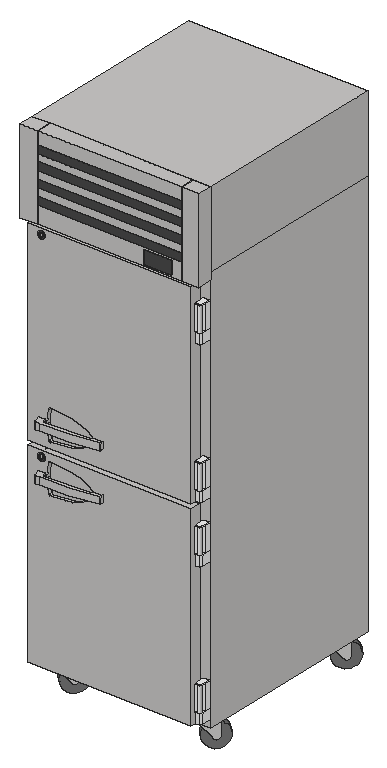
Revit family "QF_Turbo Air_PRO-26-2F", category Specialty Equipment, Revit 2014
Parameters
  Width = 2' - 4 3/4"  # constant formula
  Weight in Pounds = 331
  Watermarked By = ""
  Volts = 115 V
  URL Cutsheet = ""
  URL = "www.turboairinc.com"
  Status [instance] = ""
  Specification by User [instance] = ""
  Specification by Manufacturer [instance] = ""
  Serial Number [instance] = ""
  Revision Code [instance] = ""
  Phase = 1
  Overall Height [instance] = Box Height + CasterLeg Height  # 6' - 11"
  Number of Poles [instance] = 1
  NAFEM Spec ID Number [instance] = ""
  Model = "PRO-26-2F"
  Masterspec [instance] = ""
  Manufacturer = "Turbo Air"  # constant formula
  Door Height = 2' - 7 1/4"  # constant formula
  Description = "Freezer, Reach In"
  Assembly Code = "E1090320"
  6 inch Legs [instance] = no
  Item Number [instance] = "-"
  Installed By [instance] = ""
  HP = "3/4"
  Furnished By [instance] = ""
  Foodservice Equipment Identifier = yes
  FL Amps = 7.8 A
  Electrical Remarks [instance] = ""
  Electric Connection Type = ""
  Elec Conn RI Height [instance] = 0' - 0"
  Elec Conn Connection Height = 6' - 4 7/8"
  Cycle = 60 Hz
  Conn Plug = "NEMA 5-15P"
  Casters [instance] = not([6 inch Legs])  # yes
  CasterLeg Height [instance] = if(or([5 inch Casters], [6 inch Legs]), 0' 6", 0' 5")  # 0' - 5"
  CSI MasterFormat = "11 41 13"
  Box Height = 6' - 6"  # constant formula
  Apparent Power = if(Phase = 3, Volts * FL Amps * 1.73, Volts * FL Amps)  # 897 VA
  5 inch Casters [instance] = no
Reference planes (in)
  plane 1 "BACK": y = 0
  plane 2: z = 0
  plane 3 "LEFT": x = -16.56573
  plane 4 "RIGHT": x = 12.18427
  plane 5 "FRONT": y = -33.875
  plane 6 "Box Front": y = -31.5
  plane 7 "Door Clearance": y = -60.875
  plane 8 "TOP": z = 83
  plane 9 "Box Bottom": z = 5
  plane 10 "Bottom Door Bottom": z = 5.875
  plane 11 "Top Door Top": z = 69.125
  plane 12 "Inside Left": x = -14.56573
  plane 13 "Inside Right": x = 10.18427
  plane 14 "Inside Back": y = -2
  plane 15 "Inside Front": y = -29.5
  plane 16 "Inside Top": z = 70.75
  plane 17 "Center LR": x = -2.19073
  plane 18 "Cowl Bottom": z = 69.5
  plane 19 "Door Left Hinge": x = -15.31573
  plane 20 "Door Right Hinge": x = 10.93427
  plane 21 "Door Center": z = 37.5
  plane 22 "Top Door Bottom": z = 37.875
  plane 23 "Bottom Door Top": z = 37.125
Forms (in)
  Extrusion 1, solid, material "QF_Stainless-Polished"
    sketch origin (0, 0, 5) x (0, 1, 0) y (-1, 0, 0)
      loop
        line (-31.5, 16.56573) -> (-31.5, 13.81573) -> (-29.5, 13.81573) -> (-29.5, 14.56573) -> (-2, 14.56573) -> (-2, -10.18427) -> (-29.5, -10.18427) -> (-29.5, -9.43427) -> (-31.5, -9.43427) -> (-31.5, -12.18427) -> (0, -12.18427) -> (0, 16.56573) -> (-31.5, 16.56573)
    from 0 to 65.75
  Extrusion 2, solid, material "QF_Stainless-Polished"
    sketch origin (-14.56573, 0, 0) x (0, 1, 0) y (0, 0, 1)
      loop
        line (-29.5, 7.75) -> (-29.5, 5) -> (-2, 5) -> (-2, 7.75) -> (-29.5, 7.75)
      loop
        line (-29.5, 70.75) -> (-29.5, 69.375) -> (-2, 69.375) -> (-2, 70.75) -> (-29.5, 70.75)
    from 0 to 24.75
  Extrusion 3, solid, material "QF_Stainless-Polished"
    sketch origin (-14.56573, 0, 0) x (0, 1, 0) y (0, 0, 1)
      loop
        line (-29.5, 5) -> (-29.5, 8.25) -> (-31.5, 8.25) -> (-31.5, 5) -> (-29.5, 5)
      loop
        line (-31.5, 70.75) -> (-31.5, 67) -> (-29.5, 67) -> (-29.5, 70.75) -> (-31.5, 70.75)
    from 0.75 to 24
  Extrusion 4, solid, material "QF_Stainless-Polished"
    sketch origin (0, 0, 83) x (0, 1, 0) y (-1, 0, 0)
      loop
        line (0, 16.56573) -> (-31.5, 16.56573) -> (-31.5, -12.18427) -> (0, -12.18427) -> (0, 16.56573)
    from 0 to -12.25
  Extrusion 5, solid, material "QF_Stainless-Polished"
    sketch origin (-14.56573, 0, 0) x (0, 1, 0) y (0, 0, 1)
      loop
        line (-2, 69.375) -> (-27.25, 69.375) -> (-25, 68.125) -> (-13.25, 68.125) -> (-3.25, 65.625) -> (-2, 65.625) -> (-2, 69.375)
    from 0 to 24.75
  Extrusion 6, solid, material "QF_Stainless-Polished"
    sketch origin (-2.19073, 0, 0) x (0, 1, 0) y (0, 0, 1)
      loop
        line (-3.25, 65.625) -> (-3.25, 28.875) -> (-2, 28.875) -> (-2, 65.625) -> (-3.25, 65.625)
    from 0.25 to -0.25
  Extrusion 7, solid, material "QF_Plastic-Black-Fine Textured"
    sketch origin (0, -31.5, 0) x (1, 0, 0) y (0, 0, 1)
      loop
        line (-14.31573, 67.75) -> (-14.31573, 39.25) -> (9.93427, 39.25) -> (9.93427, 67.75) -> (-14.31573, 67.75)
      loop
        line (-14.31573, 7.25) -> (9.93427, 7.25) -> (9.93427, 35.75) -> (-14.31573, 35.75) -> (-14.31573, 7.25)
      loop
        line (-14.56573, 7) -> (10.18427, 7) -> (10.18427, 36) -> (-14.56573, 36) -> (-14.56573, 7)
      loop
        line (-14.56573, 68) -> (-14.56573, 39) -> (10.18427, 39) -> (10.18427, 68) -> (-14.56573, 68)
    from 0 to 0.625
  Extrusion 8, solid, material "QF_Stainless-Polished"
    sketch origin (0, -31.5, 0) x (1, 0, 0) y (0, 0, 1)
      loop
        line (-16.56573, 83) -> (-16.56573, 69.5) -> (-13.75323, 69.5) -> (-13.75323, 83) -> (-16.56573, 83)
      loop
        line (12.18427, 83) -> (9.37177, 83) -> (9.37177, 69.5) -> (12.18427, 69.5) -> (12.18427, 83)
    from 0 to 2.375
  Extrusion 9, solid, material "QF_Stainless-Polished"
    sketch origin (0, -31.5, 0) x (1, 0, 0) y (0, 0, 1)
      loop
        line (-13.75323, 83) -> (-13.75323, 81) -> (9.37177, 81) -> (9.37177, 83) -> (-13.75323, 83)
      loop
        line (-13.75323, 69.5) -> (9.37177, 69.5) -> (9.37177, 72.25) -> (-13.75323, 72.25) -> (-13.75323, 69.5)
      loop
        arc (7.87177, 71.75) -> (7.81686, 71.88258) -> (7.68427, 71.9375) r 0.1875
        line (7.68427, 71.9375) -> (3.55927, 71.9375)
        arc (3.55927, 71.9375) -> (3.42669, 71.88258) -> (3.37177, 71.75) r 0.1875
        line (3.37177, 71.75) -> (3.37177, 69.9375)
        arc (3.37177, 69.9375) -> (3.42669, 69.80492) -> (3.55927, 69.75) r 0.1875
        line (3.55927, 69.75) -> (7.68427, 69.75)
        arc (7.68427, 69.75) -> (7.81686, 69.80492) -> (7.87177, 69.9375) r 0.1875
        line (7.87177, 69.9375) -> (7.87177, 71.75)
    from 0 to 2.375
  Extrusion 10, solid, material "QF_Stainless-Polished"
    sketch origin (0, -31.5, 0) x (1, 0, 0) y (0, 0, 1)
      loop
        line (-13.75323, 79.6875) -> (-13.75323, 78.5625) -> (9.37177, 78.5625) -> (9.37177, 79.6875) -> (-13.75323, 79.6875)
      loop
        line (9.37177, 77.1875) -> (-13.75323, 77.1875) -> (-13.75323, 76.0625) -> (9.37177, 76.0625) -> (9.37177, 77.1875)
      loop
        line (9.37177, 74.6875) -> (-13.75323, 74.6875) -> (-13.75323, 73.5625) -> (9.37177, 73.5625) -> (9.37177, 74.6875)
    from 0 to 2.375
  Extrusion 11, solid, material "QF_Plastic-Black-Fine Textured"
    sketch origin (0, -31.5, 0) x (1, 0, 0) y (0, 0, 1)
      loop
        line (-13.75323, 81) -> (-13.75323, 79.6875) -> (9.37177, 79.6875) -> (9.37177, 81) -> (-13.75323, 81)
      loop
        line (-13.75323, 78.5625) -> (-13.75323, 77.1875) -> (9.37177, 77.1875) -> (9.37177, 78.5625) -> (-13.75323, 78.5625)
      loop
        line (-13.75323, 76.0625) -> (-13.75323, 74.6875) -> (9.37177, 74.6875) -> (9.37177, 76.0625) -> (-13.75323, 76.0625)
      loop
        line (-13.75323, 73.5625) -> (-13.75323, 72.25) -> (9.37177, 72.25) -> (9.37177, 73.5625) -> (-13.75323, 73.5625)
    from 0 to 2.375
  Extrusion 12, solid, material "QF_Plastic-Black-Fine Textured"
    sketch origin (0, -31.5, 0) x (1, 0, 0) y (0, 0, 1)
      loop
        arc (3.55927, 71.9375) -> (3.42669, 71.88258) -> (3.37177, 71.75) r 0.1875
        line (3.37177, 71.75) -> (3.37177, 69.9375)
        arc (3.37177, 69.9375) -> (3.42669, 69.80492) -> (3.55927, 69.75) r 0.1875
        line (3.55927, 69.75) -> (7.68427, 69.75)
        arc (7.68427, 69.75) -> (7.81686, 69.80492) -> (7.87177, 69.9375) r 0.1875
        line (7.87177, 69.9375) -> (7.87177, 71.75)
        arc (7.87177, 71.75) -> (7.81686, 71.88258) -> (7.68427, 71.9375) r 0.1875
        line (7.68427, 71.9375) -> (3.55927, 71.9375)
    from 0 to 2.375
  Extrusion 13, solid, material "QF_Clearance", detail levels coarse+medium
    sketch origin (0, 0, 5.875) x (0, 1, 0) y (-1, 0, 0)
      loop
        arc (-33.875, 16.56573) -> (-53.29595, 7.75127) -> (-60.875, -12.18427) r 28
        line (-60.875, -12.18427) -> (-33.875, -12.18427) -> (-33.875, 16.56573)
    from 0 to 63.25
  Extrusion 14, solid, material "QF_Stainless-Polished"
    sketch origin (0, -31.5, 0) x (1, 0, 0) y (0, 0, 1)
      loop
        line (-13.81573, 39.46875) -> (-13.81573, 35.53125) -> (9.43427, 35.53125) -> (9.43427, 39.46875) -> (-13.81573, 39.46875)
    from 0 to -2
Lines and regions (in)
  symbolic lines
    curve 1: line (-16.56573, 0, 83) -> (12.18427, 0, 83)
    curve 2: line (-16.56573, -33.875, 83) -> (-16.56573, 0, 83)
    curve 3: line (12.18427, -33.875, 83) -> (-16.56573, -33.875, 83)
    curve 4: line (12.18427, 0, 83) -> (12.18427, -33.875, 83)
  symbolic lines, style "QF_Clearances_Door_Drawer", detail levels coarse+medium
    curve 5: arc (-16.56573, -33.875, 5.875) -> (-7.75127, -53.29595, 5.875) -> (12.18427, -60.875, 5.875) r 28
    curve 6: line (12.18427, -60.875, 5.875) -> (12.18427, -33.875, 5.875)
Dimensions and locks (in)
  "Width": plane 4 "RIGHT" to plane 3 "LEFT"
  plane 5 "FRONT" to plane 6 "Box Front" = 0' - 2 3/8"
  locked: plane 7 "Door Clearance" to plane 5 "FRONT" at 27
  "CasterLeg Height": plane 9 "Box Bottom" to level
  locked: plane 10 "Bottom Door Bottom" to plane 9 "Box Bottom" at 0.875
  "Box Height": plane 8 "TOP" to plane 9 "Box Bottom"
  locked: plane 8 "TOP" to plane 11 "Top Door Top" at 13.875
  locked: plane 3 "LEFT" to plane 12 "Inside Left" at 2
  locked: plane 13 "Inside Right" to plane 4 "RIGHT" at 2
  locked: plane 14 "Inside Back" to plane 1 "BACK" at 2
  plane 6 "Box Front" to plane 15 "Inside Front" = 0' - 2"
  locked: plane 12 "Inside Left" to Extrusion 1 sketch curve at 0.75
  locked: Extrusion 1 sketch curve to plane 13 "Inside Right" at 0.75
  locked: plane 8 "TOP" to plane 16 "Inside Top" at 12.25
  locked: plane 9 "Box Bottom" to Extrusion 2 sketch curve at 2.75
  locked: Extrusion 3 sketch curve to plane 9 "Box Bottom" at 3.25
  locked: plane 16 "Inside Top" to Extrusion 2 sketch curve at 1.375
  locked: Extrusion 3 sketch curve to plane 16 "Inside Top" at 3.75
  locked: plane 16 "Inside Top" to Extrusion 5 sketch curve at 1.375
  locked: Extrusion 5 sketch curve to Extrusion 5 sketch curve at 1.25
  locked: Extrusion 5 sketch curve to Extrusion 5 sketch curve at 11.75
  locked: Extrusion 5 sketch curve to plane 14 "Inside Back" at 25.25
  locked: Extrusion 5 sketch curve to plane 14 "Inside Back" at 1.25
  locked: Extrusion 5 sketch curve to plane 14 "Inside Back" at 11.25
  locked: Extrusion 5 sketch curve to Extrusion 5 sketch curve at 3.75
  equal spacing: plane 3 "LEFT", plane 17 "Center LR", plane 4 "RIGHT"
  locked: plane 16 "Inside Top" to Extrusion 6 sketch curve at 5.125
  locked: Extrusion 6 sketch curve to Extrusion 6 sketch curve at 36.75
  locked: Extrusion 6 sketch curve to plane 14 "Inside Back" at 1.25
  locked: Extrusion 7 sketch curve to Extrusion 7 sketch curve at 0.25  (x6)
  locked: Extrusion 7 sketch curve to plane 3 "LEFT" at 2
  locked: Extrusion 7 sketch curve to plane 4 "RIGHT" at 2
  locked: plane 11 "Top Door Top" to Extrusion 7 sketch curve at 1.125
  locked: Extrusion 7 sketch curve to plane 10 "Bottom Door Bottom" at 1.125
  locked: plane 18 "Cowl Bottom" to plane 11 "Top Door Top" at 0.375
  locked: plane 3 "LEFT" to nested 1 at 3
  locked: nested 1 to plane 1 "BACK" at 2.5
  locked: plane 3 "LEFT" to nested 2 at 3
  locked: plane 6 "Box Front" to nested 2 at 2.8125
  locked: nested 3 to plane 4 "RIGHT" at 3
  locked: nested 3 to plane 1 "BACK" at 2.5
  locked: nested 4 to plane 4 "RIGHT" at 3
  locked: plane 6 "Box Front" to nested 4 at 2.8125
  locked: plane 3 "LEFT" to Extrusion 8 sketch curve at 2.8125
  locked: Extrusion 8 sketch curve to plane 4 "RIGHT" at 2.8125
  locked: Extrusion 9 sketch curve to plane 3 "LEFT" at 2.8125  (x2)
  locked: plane 8 "TOP" to Extrusion 9 sketch curve at 2
  locked: Extrusion 9 sketch curve to plane 4 "RIGHT" at 2.8125  (x2)
  locked: Extrusion 9 sketch curve to plane 18 "Cowl Bottom" at 2.75
  locked: Extrusion 9 sketch curve to Extrusion 9 sketch curve at 4.5
  locked: Extrusion 9 sketch curve to plane 4 "RIGHT" at 4.3125
  locked: Extrusion 9 sketch curve to Extrusion 9 sketch curve at 2.1875
  locked: Extrusion 9 sketch curve to Extrusion 9 sketch curve at 0.3125
  locked: Extrusion 10 sketch curve to plane 3 "LEFT" at 2.8125  (x3)
  locked: Extrusion 10 sketch curve to plane 4 "RIGHT" at 2.8125  (x3)
  locked: plane 8 "TOP" to Extrusion 10 sketch curve at 3.3125
  locked: Extrusion 10 sketch curve to Extrusion 10 sketch curve at 1.125  (x3)
  locked: Extrusion 10 sketch curve to Extrusion 10 sketch curve at 1.375  (x2)
  locked: plane 3 "LEFT" to plane 19 "Door Left Hinge" at 1.25
  locked: plane 20 "Door Right Hinge" to plane 4 "RIGHT" at 1.25
  equal spacing: plane 11 "Top Door Top", plane 21 "Door Center", plane 10 "Bottom Door Bottom"
  plane 22 "Top Door Bottom" to plane 21 "Door Center" to plane 23 "Bottom Door Top" = 0' - 0 3/8" locked, 0' - 0 3/8" locked
  locked: Extrusion 7 sketch curve to plane 22 "Top Door Bottom" at 1.125
  locked: plane 23 "Bottom Door Top" to Extrusion 7 sketch curve at 1.125
  Extrusion 14 sketch curve to plane 21 "Door Center" to Extrusion 14 sketch curve = 0' - 1 31/32" locked, 0' - 1 31/32" locked
  locked: plane 3 "LEFT" to Extrusion 14 sketch curve at 2.75
  locked: Extrusion 14 sketch curve to plane 4 "RIGHT" at 2.75
  locked: plane 6 "Box Front" to plane 1 "BACK" at 31.5
  aligned and locked: level to plane 2
  aligned and locked: Extrusion 1 sketch curve to plane 3 "LEFT"
  aligned and locked: plane 12 "Inside Left" to Extrusion 1 sketch curve
  aligned and locked: Extrusion 1 sketch curve to plane 13 "Inside Right"
  aligned and locked: plane 4 "RIGHT" to Extrusion 1 sketch curve
  aligned and locked: plane 14 "Inside Back" to Extrusion 1 sketch curve
  aligned and locked: Extrusion 1 sketch curve to plane 1 "BACK"
  aligned and locked: Extrusion 1 sketch curve to plane 15 "Inside Front"  (x2)
  aligned and locked: plane 6 "Box Front" to Extrusion 1 sketch curve  (x2)
  aligned and locked: plane 16 "Inside Top" to Extrusion 1
  aligned and locked: plane 9 "Box Bottom" to Extrusion 2 sketch curve
  aligned and locked: plane 15 "Inside Front" to Extrusion 2 sketch curve
  aligned and locked: plane 14 "Inside Back" to Extrusion 2 sketch curve  (x2)
  aligned and locked: plane 13 "Inside Right" to Extrusion 2
  aligned and locked: plane 6 "Box Front" to Extrusion 3 sketch curve  (x2)
  aligned and locked: Extrusion 3 sketch curve to plane 9 "Box Bottom"
  aligned and locked: Extrusion 3 sketch curve to plane 15 "Inside Front"  (x2)
  aligned and locked: Extrusion 3 to Extrusion 1  (x2)
  aligned and locked: Extrusion 2 sketch curve to plane 16 "Inside Top"
  aligned and locked: Extrusion 2 sketch curve to plane 15 "Inside Front"
  aligned and locked: plane 16 "Inside Top" to Extrusion 3 sketch curve
  aligned and locked: plane 1 "BACK" to Extrusion 4 sketch curve
  aligned and locked: plane 3 "LEFT" to Extrusion 4 sketch curve
  aligned and locked: Extrusion 4 sketch curve to plane 6 "Box Front"
  aligned and locked: Extrusion 4 sketch curve to plane 4 "RIGHT"
  aligned and locked: Extrusion 4 to plane 16 "Inside Top"
  aligned and locked: plane 14 "Inside Back" to Extrusion 5 sketch curve
  aligned and locked: plane 13 "Inside Right" to Extrusion 5
  aligned and locked: Extrusion 6 sketch curve to plane 14 "Inside Back"
  aligned and locked: plane 5 "FRONT" to Extrusion 8
  aligned and locked: plane 3 "LEFT" to curve 2
  aligned and locked: curve 3 to plane 5 "FRONT"
  aligned and locked: curve 4 to plane 4 "RIGHT"
  aligned and locked: plane 1 "BACK" to curve 1
  aligned and locked: plane 18 "Cowl Bottom" to Extrusion 8 sketch curve
  aligned and locked: plane 3 "LEFT" to Extrusion 8 sketch curve
  aligned and locked: Extrusion 8 sketch curve to plane 8 "TOP"
  aligned and locked: plane 8 "TOP" to Extrusion 8 sketch curve
  aligned and locked: plane 4 "RIGHT" to Extrusion 8 sketch curve
  aligned and locked: Extrusion 8 sketch curve to plane 18 "Cowl Bottom"
  aligned and locked: Extrusion 9 sketch curve to plane 8 "TOP"
  aligned and locked: plane 18 "Cowl Bottom" to Extrusion 9 sketch curve
  aligned and locked: plane 5 "FRONT" to Extrusion 9
  aligned and locked: plane 5 "FRONT" to Extrusion 10
  aligned and locked: Extrusion 11 sketch curve to Extrusion 9  (x4)
  aligned and locked: Extrusion 11 sketch curve to Extrusion 10  (x12)
  aligned and locked: plane 5 "FRONT" to Extrusion 11
  aligned and locked: Extrusion 12 sketch curve to Extrusion 9  (x4)
  aligned and locked: plane 5 "FRONT" to Extrusion 12
  aligned and locked: plane 6 "Box Front" to nested 5
  aligned and locked: plane 19 "Door Left Hinge" to nested 5
  aligned and locked: nested 5 to plane 10 "Bottom Door Bottom"
  aligned and locked: plane 11 "Top Door Top" to Extrusion 13
  aligned and locked: nested 6 to plane 22 "Top Door Bottom"
Automatic sketch dimensions
  Extrusion 9 sketch curve to Extrusion 9 sketch curve = 0' - 0 3/16"  (x3)
  Extrusion 9 sketch curve to Extrusion 9 sketch curve = 0' - 1 11/16"
  curve 5 to plane 4 "RIGHT" = 0' - 0"
  plane 7 "Door Clearance" to curve 5 = 0' - 0"
  plane 5 "FRONT" to curve 6 = 0' - 0"
  plane 5 "FRONT" to curve 5 = 0' - 0"
  plane 20 "Door Right Hinge" to curve 5 = 0' - 0.48251"
  Extrusion 13 sketch curve to plane 4 "RIGHT" = 0' - 0"
  plane 7 "Door Clearance" to Extrusion 13 sketch curve = 0' - 0"
  Extrusion 13 sketch curve to plane 3 "LEFT" = 0' - 0"
  plane 5 "FRONT" to Extrusion 13 sketch curve = 0' - 0"
  plane 20 "Door Right Hinge" to Extrusion 13 sketch curve = 0' - 0.48251"
  Extrusion 7 sketch curve to Extrusion 7 sketch curve = 0' - 0 1/4"
  Extrusion 7 sketch curve to plane 12 "Inside Left" = 0' - 0"
  Extrusion 7 sketch curve to plane 13 "Inside Right" = 0' - 0"
  Extrusion 7 sketch curve to plane 13 "Inside Right" = 0' - 0 1/4"
  curve 5 to plane 3 "LEFT" = 0' - 0"
Nested families (in)
  nested 1: "FESCasterLeg" at (-13.56573, -2.5, 0), Casters <- "Casters", Legs <- "6 inch Legs", Height <- "CasterLeg Height", type "FESCasterLeg"
    with Legs no, Height 0' - 5", Casters yes, Caster Radius 0' - 2"
  nested 2: "FESCasterLeg" at (-13.56573, -28.6875, 0), Casters <- "Casters", Legs <- "6 inch Legs", Height <- "CasterLeg Height", type "FESCasterLeg"
    with Legs no, Height 0' - 5", Casters yes, Caster Radius 0' - 2"
  nested 3: "FESCasterLeg" at (9.18427, -2.5, 0), Casters <- "Casters", Legs <- "6 inch Legs", Height <- "CasterLeg Height", type "FESCasterLeg"
    with Legs no, Height 0' - 5", Casters yes, Caster Radius 0' - 2"
  nested 4: "FESCasterLeg" at (9.18427, -28.6875, 0), Casters <- "Casters", Legs <- "6 inch Legs", Height <- "CasterLeg Height", type "FESCasterLeg"
    with Legs no, Height 0' - 5", Casters yes, Caster Radius 0' - 2"
  nested 5: "QF_Turbo Air_RI-Solid Door" at (1.25, -32.125, 5.875), Height <- "Door Height", type "QF_Turbo Air_RI-Solid Door"
    with Width 2' - 2 1/4", Symbolic Lines Handle yes, Symbolic Lines no, Height 2' - 7 1/4", Handle From Top 0' - 3 9/16", Center Hinge no
  nested 6: "QF_Turbo Air_RI-Solid Door" at (1.25, -32.125, 37.875), Height <- "Door Height", type "QF_Turbo Air_RI-Solid Door"
    with Width 2' - 2 1/4", Symbolic Lines Handle yes, Symbolic Lines no, Height 2' - 7 1/4", Handle From Top 2' - 3 13/16", Center Hinge no
Connectors (in)
  electrical at (-2.19073, 0, 76.875)
    settings: on Extrusion 4, index 1, voltage 0 V, apparent load 0 VA, apparent load phase1 0 VA, apparent load phase2 0 VA, apparent load phase3 0 VA, power factor 1, load classification "Other", number of poles 1, system type 31, power factor state 1, is connector primary yes, connector utility no, sub classification motor no, connector description ""
Definition of nested family "FESCasterLeg"
  Parameters
    Watermarked By = "http://revitwatermark.com"
    Type Comments = ""
    Legs [instance] = yes
    Height [instance] = 0' - 6"
    Caster Radius [instance] = if(Height < 0' 3", 0' 1", (Height / 2) - 0' 0 1/2")  # 0' - 2 1/2"
    Casters [instance] = yes
    Assembly Code = ""
  Reference planes (in)
    plane 1 "Center (Front/Back)": y = 0
    plane 2: z = 0
    plane 3 "Center (Left/Right)": x = 0
    plane 4: z = 6
    plane 5: z = 5.5
  Forms (in)
    Extrusion 1, solid, material "QF_Stainless-Polished", visible <- "Casters"
      sketch origin (-24.12131, -22.88887, 10.18833) x (0.707107, 0.707107, 0) y (0, 0, 1)
        loop
          line (34.98772, -7.68833) -> (34.98772, -4.93833) -> (34.48772, -4.93833) -> (34.39402, -4.68833) -> (32.39402, -4.68833) -> (32.39402, -5.43833) -> (33.98772, -7.34206) -> (33.98772, -7.68833)
          arc (33.98772, -7.68833) -> (34.48772, -8.18833) -> (34.98772, -7.68833) r 0.5
      from 0 to 1.75
    Extrusion 2, solid, material "QF_Rubber-Black", visible <- "Casters"
      sketch origin (-24.32327, -23.09083, 13.31461) x (0.707107, 0.707107, 0) y (0, 0, 1)
        loop
          circle (34.77334, -10.81461) r 2.5
      from 0.375 to 1.375
    Extrusion 3, solid, material "QF_Stainless-Polished", visible <- "Casters"
      sketch origin (-7.24148, -8.48391, 0) x (0.707107, 0.707107, 0) y (0, 0, 1)
        loop
          line (10.61603, 5.5) -> (11.61603, 5.5) -> (11.61603, 6) -> (10.61603, 6) -> (10.61603, 5.5)
      from 0 to -1.75
    Blend 4, solid, material "QF_Stainless-Polished", visible <- "Legs"
      base sketch origin (0, 0, 0) x (1, 0, 0) y (0, 1, 0)
        loop
          circle (0, 0) r 0.5
      top sketch origin (0, 0, 0) x (1, 0, 0) y (0, 1, 0)
        loop
          circle (0, 0) r 1
      from 0 to 6 <- "Height"
  Lines and regions (in)
    symbolic lines, style "QF_Details_Undercounter", visible <- "Casters", built-in parameter 1006206 <- "Casters"
      curve 1: line (-1.26158, -0.51911, 0) -> (1.39007, 2.13254, 0)
      curve 2: line (-0.53429, -1.24639, 0) -> (2.11736, 1.40526, 0)
    symbolic lines, style "QF_Details_Undercounter", built-in parameter 1006206 <- "Casters", visible <- "Casters"
      curve 3: line (-1.26158, -0.51911, 0) -> (1.39007, 2.13254, 0)
      curve 4: line (-0.53429, -1.24639, 0) -> (2.11736, 1.40526, 0)
  Dimensions and locks (in)
    locked: plane 4 to plane 5 at 0.5
    "Height": plane 4 to level
    "Caster Radius": Extrusion 2 sketch curve to level
    "Caster Radius": Extrusion 1 sketch curve to level
    "Caster Radius": radius of Extrusion 2 sketch curve
    aligned and locked: plane 2 to level
    aligned: Blend 4 to Extrusion 3
    aligned and locked: plane 4 to Blend 4
    aligned and locked: Extrusion 3 to plane 5
    aligned and locked: plane 4 to Extrusion 3
    aligned and locked: plane 5 to Extrusion 1
  Automatic sketch dimensions
    plane 1 "Center (Front/Back)" to curve 3 = 0' - 0.51911"
    curve 3 to plane 3 "Center (Left/Right)" = 0' - 1.26158"
    plane 1 "Center (Front/Back)" to curve 1 = 0' - 0.51911"
    curve 1 to curve 3 = 0' - 0"  (x3)
    curve 4 to plane 3 "Center (Left/Right)" = 0' - 0.53429"
    curve 2 to curve 4 = 0' - 0"  (x2)
    plane 3 "Center (Left/Right)" to curve 3 = 0' - 1.39007"
    curve 1 to curve 4 = 0' - 0.72729"
    curve 2 to curve 1 = 0' - 0.72729"
    curve 4 to curve 2 = 0' - 0"  (x2)
    curve 2 to plane 1 "Center (Front/Back)" = 0' - 1.40526"
    curve 2 to curve 3 = 0' - 0.72729"
    Extrusion 3 sketch curve to plane 5 = 0' - 0"
    plane 4 to Extrusion 3 sketch curve = 0' - 0"
    Extrusion 3 sketch curve to Extrusion 3 sketch curve = 0' - 1"
    plane 1 "Center (Front/Back)" to Blend 4 sketch curve = 0' - 0"  (x2)
    Blend 4 sketch curve to plane 3 "Center (Left/Right)" = 0' - 0"  (x2)
    Extrusion 1 sketch curve to plane 5 = 0' - 0"
    Extrusion 1 sketch curve to plane 5 = 0' - 2.65373"
    Extrusion 1 sketch curve to Extrusion 1 sketch curve = 0' - 1.5937"
    Extrusion 1 sketch curve to Extrusion 1 sketch curve = 0' - 2"
    Extrusion 1 sketch curve to Extrusion 1 sketch curve = 0' - 0.0937"
    Extrusion 1 sketch curve to Extrusion 1 sketch curve = 0' - 0 1/2"
    Extrusion 1 sketch curve to plane 5 = 0' - 0 3/4"
    Extrusion 1 sketch curve to plane 5 = 0' - 0 1/4"
    radius of Blend 4 sketch curve = 0' - 0 1/2"
    radius of Blend 4 sketch curve = 0' - 1"
Definition of nested family "QF_Turbo Air_RI-Solid Door"
  Parameters (values of type "QF_Turbo Air_RI-Solid Door")
    Width [instance] = 2' - 2 1/4"
    Watermarked By = ""
    Symbolic Lines Handle [instance] = yes
    Symbolic Lines [instance] = yes
    Height [instance] = 5' - 3 1/4"
    Handle From Top [instance] = 2' - 1 7/8"
    Center Hinge [instance] = yes
  Reference planes (in)
    plane 1 "Door Back": y = 0
    plane 2: z = 0
    plane 3 "LEFT": x = -16.56573
    plane 4 "Door Front": y = -1.75
    plane 5 "Handle Front": y = -3.0625
    plane 6 "Door Right": x = 9.68427
    plane 7 "TOP": z = 63.25
    plane 8 "Handle Elevation": z = 37.375
    plane 9 "Hinge Right": x = 10.93427
    plane 10 "Top Hinge Top": z = 60.75
    plane 11 "Top Hinge Bottom": z = 55
    plane 12: z = 56.625
    plane 13 "Center TB": z = 31.625
    plane 14 "Center Hinge Top": z = 35.0625
    plane 15 "Center Hinge Bottom": z = 29.3125
    plane 16: z = 30.9375
    plane 17 "Bottom Hinge Top": z = 6
    plane 18 "Bottom Hinge Bottom": z = 0.25
    plane 19: z = 1.875
    plane 20 "Hinges Front": y = -1.1875
    plane 21 "Hinges Back": y = 0.625
  Forms (in)
    Extrusion 1, solid, material "QF_Stainless-Polished"
      sketch origin (0, 0, 0) x (1, 0, 0) y (0, 0, 1)
        loop
          line (-16.56573, 63.25) -> (-16.56573, 0) -> (9.68427, 0) -> (9.68427, 63.25) -> (-16.56573, 63.25)
        loop
          arc (-13.15519, 39.61272) -> (-13.41636, 38.50742) -> (-13.50323, 37.375) r 7.3125
          arc (-13.50323, 37.375) -> (-13.41636, 36.24258) -> (-13.15519, 35.13728) r 7.3125
          arc (-13.15519, 35.13728) -> (-13.01711, 34.94724) -> (-12.79306, 34.87662) r 0.375
          arc (-12.79306, 34.87662) -> (-11.04564, 34.98179) -> (-9.31573, 35.25) r 18.6875
          arc (-9.31573, 35.25) -> (-7.55515, 35.84984) -> (-6.00323, 36.875) r 7.30243
          arc (-6.00323, 36.875) -> (-5.85876, 37.375) -> (-6.00323, 37.875) r 0.9375
          arc (-6.00323, 37.875) -> (-7.55515, 38.90016) -> (-9.31573, 39.5) r 7.30243
          arc (-9.31573, 39.5) -> (-11.04564, 39.76821) -> (-12.79306, 39.87338) r 18.6875
          arc (-12.79306, 39.87338) -> (-13.01711, 39.80276) -> (-13.15519, 39.61272) r 0.375
      from 0 to 1.75
    Extrusion 2, solid, material "QF_Stainless-Polished"
      sketch origin (0, 0, 0) x (1, 0, 0) y (0, 0, 1)
        loop
          arc (-13.15519, 39.61272) -> (-13.41636, 38.50742) -> (-13.50323, 37.375) r 7.3125
          arc (-13.50323, 37.375) -> (-13.41636, 36.24258) -> (-13.15519, 35.13728) r 7.3125
          arc (-13.15519, 35.13728) -> (-13.01711, 34.94724) -> (-12.79306, 34.87662) r 0.375
          arc (-12.79306, 34.87662) -> (-11.04564, 34.98179) -> (-9.31573, 35.25) r 18.6875
          arc (-9.31573, 35.25) -> (-7.55515, 35.84984) -> (-6.00323, 36.875) r 7.30243
          arc (-6.00323, 36.875) -> (-5.85876, 37.375) -> (-6.00323, 37.875) r 0.9375
          arc (-6.00323, 37.875) -> (-7.55515, 38.90016) -> (-9.31573, 39.5) r 7.30243
          arc (-9.31573, 39.5) -> (-11.04564, 39.76821) -> (-12.79306, 39.87338) r 18.6875
          arc (-12.79306, 39.87338) -> (-13.01711, 39.80276) -> (-13.15519, 39.61272) r 0.375
      from 0 to 1.25
    Extrusion 3, solid, material "QF_Stainless-Polished"
      sketch origin (0, 0, 37.375) x (0, 1, 0) y (-1, 0, 0)
        loop
          line (-1.75, 14.806) -> (-2.93294, 14.42164)
          arc (-2.93294, 14.42164) -> (-3.02669, 14.35352) -> (-3.0625, 14.24331) r 0.1875
          line (-3.0625, 14.24331) -> (-3.0625, 13.62954)
          arc (-3.0625, 13.62954) -> (-2.88483, 9.14446) -> (-2.21868, 4.70557) r 41.0625
          arc (-2.21868, 4.70557) -> (-2.15347, 4.59812) -> (-2.03505, 4.55599) r 0.1875
          line (-2.03505, 4.55599) -> (-1.75, 4.55599) -> (-1.75, 5.93099) -> (-1.83987, 5.93099)
          arc (-1.83987, 5.93099) -> (-1.96178, 5.97604) -> (-2.02512, 6.08952) r 0.1875
          arc (-2.02512, 6.08952) -> (-2.42253, 9.66014) -> (-2.50243, 13.25191) r 40.5625
          arc (-2.50243, 13.25191) -> (-2.47714, 13.3419) -> (-2.41155, 13.4085) r 0.1875
          line (-2.41155, 13.4085) -> (-1.75, 13.806) -> (-1.75, 14.806)
      from -0.5625 to 0.5625
    Extrusion 4, solid, material "QF_Steel-Chrome Plated"
      sketch origin (0, 0, 0.25) x (0, 1, 0) y (-1, 0, 0)
        loop
          line (0.625, -10.81225) -> (0.625, -9.7438) -> (-0.75, -9.80927) -> (-1.1875, -9.9342) -> (-1.1875, -10.62185) -> (-0.75, -10.74677) -> (0.625, -10.81225)
      from 0 to 1.625
    Extrusion 5, solid, material "QF_Steel-Chrome Plated"
      sketch origin (0, 0, 6) x (0, 1, 0) y (-1, 0, 0)
        loop
          line (-0.5625, -9.68427) -> (-1.1875, -9.68427) -> (-1.1875, -10.27802)
          arc (-1.1875, -10.27802) -> (-0.875, -10.59052) -> (-0.5625, -10.27802) r 0.3125
          line (-0.5625, -10.27802) -> (-0.5625, -9.68427)
      from -0.125 to -4.125
    Extrusion 6, solid, material "QF_Steel-Chrome Plated"
      sketch origin (0, 0, 6) x (0, 1, 0) y (-1, 0, 0)
        loop
          line (0.625, -9.7438) -> (-0.25, -9.78547) -> (-0.25, -10.77058) -> (0.625, -10.81225) -> (0.625, -9.7438)
      from -0.125 to -4.125
    Extrusion 7, solid, material "QF_Steel-Chrome Plated"
      sketch origin (0, 0, 6) x (0, 1, 0) y (-1, 0, 0)
        loop
          line (0.625, -10.81225) -> (0.625, -9.7438) -> (-0.75, -9.80927) -> (-1.1875, -9.9342) -> (-1.1875, -10.62185) -> (-0.75, -10.74677) -> (0.625, -10.81225)
      from 0 to -0.125
    Extrusion 8, solid, material "QF_Steel-Chrome Plated", visible <- "Center Hinge"
      sketch origin (0, 0, 29.3125) x (0, 1, 0) y (-1, 0, 0)
        loop
          line (0.625, -10.81225) -> (0.625, -9.7438) -> (-0.75, -9.80927) -> (-1.1875, -9.9342) -> (-1.1875, -10.62185) -> (-0.75, -10.74677) -> (0.625, -10.81225)
      from 0 to 1.625
    Extrusion 9, solid, material "QF_Steel-Chrome Plated", visible <- "Center Hinge"
      sketch origin (0, 0, 35.0625) x (0, 1, 0) y (-1, 0, 0)
        loop
          line (-0.5625, -9.68427) -> (-1.1875, -9.68427) -> (-1.1875, -10.27802)
          arc (-1.1875, -10.27802) -> (-0.875, -10.59052) -> (-0.5625, -10.27802) r 0.3125
          line (-0.5625, -10.27802) -> (-0.5625, -9.68427)
      from -0.125 to -4.125
    Extrusion 10, solid, material "QF_Steel-Chrome Plated", visible <- "Center Hinge"
      sketch origin (0, 0, 35.0625) x (0, 1, 0) y (-1, 0, 0)
        loop
          line (0.625, -9.7438) -> (-0.25, -9.78547) -> (-0.25, -10.77058) -> (0.625, -10.81225) -> (0.625, -9.7438)
      from -0.125 to -4.125
    Extrusion 11, solid, material "QF_Steel-Chrome Plated", visible <- "Center Hinge"
      sketch origin (0, 0, 35.0625) x (0, 1, 0) y (-1, 0, 0)
        loop
          line (0.625, -10.81225) -> (0.625, -9.7438) -> (-0.75, -9.80927) -> (-1.1875, -9.9342) -> (-1.1875, -10.62185) -> (-0.75, -10.74677) -> (0.625, -10.81225)
      from 0 to -0.125
    Extrusion 12, solid, material "QF_Steel-Chrome Plated"
      sketch origin (0, 0, 55) x (0, 1, 0) y (-1, 0, 0)
        loop
          line (0.625, -10.81225) -> (0.625, -9.7438) -> (-0.75, -9.80927) -> (-1.1875, -9.9342) -> (-1.1875, -10.62185) -> (-0.75, -10.74677) -> (0.625, -10.81225)
      from 0 to 1.625
    Extrusion 13, solid, material "QF_Steel-Chrome Plated"
      sketch origin (0, 0, 60.75) x (0, 1, 0) y (-1, 0, 0)
        loop
          line (-0.5625, -9.68427) -> (-1.1875, -9.68427) -> (-1.1875, -10.27802)
          arc (-1.1875, -10.27802) -> (-0.875, -10.59052) -> (-0.5625, -10.27802) r 0.3125
          line (-0.5625, -10.27802) -> (-0.5625, -9.68427)
      from -0.125 to -4.125
    Extrusion 14, solid, material "QF_Steel-Chrome Plated"
      sketch origin (0, 0, 60.75) x (0, 1, 0) y (-1, 0, 0)
        loop
          line (0.625, -9.7438) -> (-0.25, -9.78547) -> (-0.25, -10.77058) -> (0.625, -10.81225) -> (0.625, -9.7438)
      from -0.125 to -4.125
    Extrusion 15, solid, material "QF_Steel-Chrome Plated"
      sketch origin (0, 0, 60.75) x (0, 1, 0) y (-1, 0, 0)
        loop
          line (0.625, -10.81225) -> (0.625, -9.7438) -> (-0.75, -9.80927) -> (-1.1875, -9.9342) -> (-1.1875, -10.62185) -> (-0.75, -10.74677) -> (0.625, -10.81225)
      from 0 to -0.125
    Extrusion 16, void
      sketch origin (0, 0, 0) x (1, 0, 0) y (0, 0, 1)
        loop
          circle (-14.37823, 62.3125) r 0.5625
        loop
          circle (-14.37823, 62.3125) r 0.3125
      from 0 to 1.75
    Extrusion 17, solid, material "QF_Plastic-Black-Fine Textured"
      sketch origin (0, 0, 0) x (1, 0, 0) y (0, 0, 1)
        loop
          circle (-14.37823, 62.3125) r 0.5625
        loop
          circle (-14.37823, 62.3125) r 0.3125
      from 0 to 1.75
  Cuts and joins
    Extrusion 16 cuts Extrusion 1
  Lines and regions (in)
    symbolic lines, visible <- "Symbolic Lines"
      curve 1: line (-16.56573, 0, 6) -> (9.68427, 0, 6)
      curve 2: line (-16.56573, -1.75, 6) -> (-16.56573, 0, 6)
      curve 3: line (9.68427, -1.75, 6) -> (-16.56573, -1.75, 6)
      curve 4: line (9.68427, 0, 6) -> (9.68427, -1.75, 6)
      curve 5: line (10.81225, 0.625, 6) -> (9.7438, 0.625, 6)
      curve 6: line (10.74677, -0.75, 6) -> (10.81225, 0.625, 6)
      curve 7: line (10.62185, -1.1875, 6) -> (10.74677, -0.75, 6)
      curve 8: line (9.9342, -1.1875, 6) -> (10.62185, -1.1875, 6)
      curve 9: line (9.80927, -0.75, 6) -> (9.9342, -1.1875, 6)
      curve 10: line (9.7438, 0.625, 6) -> (9.80927, -0.75, 6)
    symbolic lines, visible <- "Symbolic Lines Handle"
      curve 11: line (-14.806, -1.75, 6) -> (-14.42164, -2.93294, 6)
      curve 12: arc (-14.42164, -2.93294, 6) -> (-14.35352, -3.02669, 6) -> (-14.24331, -3.0625, 6) r 0.1875
      curve 13: line (-14.24331, -3.0625, 6) -> (-13.62954, -3.0625, 6)
      curve 14: line (-4.55599, -2.03505, 6) -> (-4.55599, -1.75, 6)
      curve 15: arc (-4.70557, -2.21868, 6) -> (-4.59812, -2.15347, 6) -> (-4.55599, -2.03505, 6) r 0.1875
      curve 16: arc (-13.62954, -3.0625, 6) -> (-9.14446, -2.88483, 6) -> (-4.70557, -2.21868, 6) r 41.0625
      curve 17: line (-13.4085, -2.41155, 6) -> (-13.806, -1.75, 6)
      curve 18: arc (-13.25191, -2.50243, 6) -> (-13.3419, -2.47714, 6) -> (-13.4085, -2.41155, 6) r 0.1875
      curve 19: arc (-6.08952, -2.02512, 6) -> (-9.66014, -2.42253, 6) -> (-13.25191, -2.50243, 6) r 40.5625
      curve 20: arc (-5.93099, -1.83987, 6) -> (-5.97604, -1.96178, 6) -> (-6.08952, -2.02512, 6) r 0.1875
      curve 21: line (-5.93099, -1.75, 6) -> (-5.93099, -1.83987, 6)
  Dimensions and locks (in)
    locked: plane 5 "Handle Front" to plane 4 "Door Front" at 1.3125
    "Width": plane 6 "Door Right" to plane 3 "LEFT"
    "Height": plane 7 "TOP" to plane 2
    "Handle From Top": plane 7 "TOP" to plane 8 "Handle Elevation"
    locked: plane 6 "Door Right" to plane 9 "Hinge Right" at 1.25
    locked: plane 7 "TOP" to plane 10 "Top Hinge Top" at 2.5
    locked: plane 10 "Top Hinge Top" to plane 11 "Top Hinge Bottom" at 5.75
    locked: plane 12 to plane 11 "Top Hinge Bottom" at 1.625
    equal spacing: plane 7 "TOP", plane 13 "Center TB", level
    locked: plane 14 "Center Hinge Top" to plane 15 "Center Hinge Bottom" at 5.75
    locked: plane 16 to plane 15 "Center Hinge Bottom" at 1.625
    locked: plane 14 "Center Hinge Top" to plane 13 "Center TB" at 3.4375
    locked: plane 17 "Bottom Hinge Top" to plane 18 "Bottom Hinge Bottom" at 5.75
    locked: plane 19 to plane 18 "Bottom Hinge Bottom" at 1.625
    locked: plane 17 "Bottom Hinge Top" to level at 6
    locked: Extrusion 1 sketch curve to plane 8 "Handle Elevation" at 2.12341
    locked: plane 8 "Handle Elevation" to Extrusion 1 sketch curve at 2.12341
    locked: Extrusion 1 sketch curve to plane 8 "Handle Elevation" at 16.18748
    locked: plane 8 "Handle Elevation" to Extrusion 1 sketch curve at 16.18748
    locked: plane 8 "Handle Elevation" to Extrusion 1 sketch curve at 5.03089
    locked: Extrusion 1 sketch curve to plane 8 "Handle Elevation" at 5.03089
    locked: Extrusion 1 sketch curve to plane 8 "Handle Elevation" at 0
    locked: Extrusion 1 sketch curve to plane 8 "Handle Elevation" at 0.00859
    locked: plane 8 "Handle Elevation" to Extrusion 1 sketch curve at 0.00859
    locked: Extrusion 4 sketch curve to Extrusion 4 sketch curve at 1.06845
    locked: Extrusion 4 sketch curve to plane 9 "Hinge Right" at 0.12202
    locked: Extrusion 4 sketch curve to Extrusion 4 sketch curve at 0.9375
    locked: Extrusion 4 sketch curve to plane 9 "Hinge Right" at 0.1875
    locked: Extrusion 4 sketch curve to Extrusion 4 sketch curve at 0.68764
    locked: Extrusion 4 sketch curve to plane 9 "Hinge Right" at 0.31243
    locked: plane 20 "Hinges Front" to Extrusion 5 sketch curve at 0.625
    locked: plane 6 "Door Right" to Extrusion 5 sketch curve at 0.59375
    locked: Extrusion 6 sketch curve to Extrusion 6 sketch curve at 1.06845
    locked: Extrusion 6 sketch curve to plane 9 "Hinge Right" at 0.12202
    locked: Extrusion 6 sketch curve to Extrusion 6 sketch curve at 0.98512
    locked: Extrusion 6 sketch curve to plane 9 "Hinge Right" at 0.16369
    locked: Extrusion 7 sketch curve to Extrusion 7 sketch curve at 1.06845
    locked: Extrusion 7 sketch curve to Extrusion 7 sketch curve at 0.9375
    locked: Extrusion 7 sketch curve to Extrusion 7 sketch curve at 0.68764
    locked: Extrusion 7 sketch curve to plane 9 "Hinge Right" at 0.12202
    locked: Extrusion 7 sketch curve to plane 9 "Hinge Right" at 0.1875
    locked: Extrusion 7 sketch curve to plane 9 "Hinge Right" at 0.31243
    locked: Extrusion 8 sketch curve to Extrusion 8 sketch curve at 1.06845
    locked: Extrusion 8 sketch curve to Extrusion 8 sketch curve at 0.9375
    locked: Extrusion 8 sketch curve to Extrusion 8 sketch curve at 0.68764
    locked: Extrusion 10 sketch curve to Extrusion 10 sketch curve at 1.06845
    locked: Extrusion 10 sketch curve to Extrusion 10 sketch curve at 0.98512
    locked: Extrusion 11 sketch curve to Extrusion 11 sketch curve at 1.06845
    locked: Extrusion 11 sketch curve to Extrusion 11 sketch curve at 0.9375
    locked: Extrusion 11 sketch curve to Extrusion 11 sketch curve at 0.68764
    locked: Extrusion 12 sketch curve to Extrusion 12 sketch curve at 1.06845
    locked: Extrusion 12 sketch curve to Extrusion 12 sketch curve at 0.9375
    locked: Extrusion 12 sketch curve to Extrusion 12 sketch curve at 0.68764
    locked: Extrusion 14 sketch curve to Extrusion 14 sketch curve at 1.06845
    locked: Extrusion 14 sketch curve to Extrusion 14 sketch curve at 0.98512
    locked: Extrusion 15 sketch curve to Extrusion 15 sketch curve at 1.06845
    locked: Extrusion 15 sketch curve to Extrusion 15 sketch curve at 0.9375
    locked: Extrusion 15 sketch curve to Extrusion 15 sketch curve at 0.68764
    locked: Extrusion 8 sketch curve to plane 9 "Hinge Right" at 0.12202
    locked: Extrusion 8 sketch curve to plane 9 "Hinge Right" at 0.1875
    locked: Extrusion 8 sketch curve to plane 9 "Hinge Right" at 0.31243
    locked: Extrusion 10 sketch curve to plane 9 "Hinge Right" at 0.12202
    locked: Extrusion 10 sketch curve to plane 9 "Hinge Right" at 0.16369
    locked: Extrusion 11 sketch curve to plane 9 "Hinge Right" at 0.12202
    locked: Extrusion 11 sketch curve to plane 9 "Hinge Right" at 0.1875
    locked: Extrusion 11 sketch curve to plane 9 "Hinge Right" at 0.31243
    locked: plane 6 "Door Right" to Extrusion 9 sketch curve at 0.59375
    locked: plane 20 "Hinges Front" to Extrusion 9 sketch curve at 0.625
    locked: Extrusion 12 sketch curve to plane 9 "Hinge Right" at 0.12202
    locked: Extrusion 12 sketch curve to plane 9 "Hinge Right" at 0.1875
    locked: Extrusion 12 sketch curve to plane 9 "Hinge Right" at 0.31243
    locked: Extrusion 14 sketch curve to plane 9 "Hinge Right" at 0.12202
    locked: Extrusion 14 sketch curve to plane 9 "Hinge Right" at 0.16369
    locked: Extrusion 15 sketch curve to plane 9 "Hinge Right" at 0.12202
    locked: Extrusion 15 sketch curve to plane 9 "Hinge Right" at 0.1875
    locked: Extrusion 15 sketch curve to plane 9 "Hinge Right" at 0.31243
    locked: plane 20 "Hinges Front" to Extrusion 13 sketch curve at 0.625
    locked: plane 6 "Door Right" to Extrusion 13 sketch curve at 0.59375
    locked: plane 7 "TOP" to Extrusion 16 sketch curve at 0.9375  (x2)
    locked: Extrusion 16 sketch curve to plane 3 "LEFT" at 2.1875  (x2)
    aligned and locked: level to plane 2
    aligned and locked: Extrusion 1 sketch curve to plane 7 "TOP"
    aligned and locked: plane 3 "LEFT" to Extrusion 1 sketch curve
    aligned and locked: level to Extrusion 1 sketch curve
    aligned and locked: Extrusion 1 sketch curve to plane 6 "Door Right"
    aligned and locked: plane 4 "Door Front" to Extrusion 1
    aligned and locked: plane 8 "Handle Elevation" to Extrusion 1 sketch curve
    aligned and locked: Extrusion 2 sketch curve to Extrusion 1  (x9)
    aligned and locked: plane 20 "Hinges Front" to Extrusion 4 sketch curve
    aligned and locked: plane 19 to Extrusion 4
    aligned and locked: Extrusion 5 to plane 19
    aligned and locked: Extrusion 5 sketch curve to plane 6 "Door Right"
    aligned and locked: plane 20 "Hinges Front" to Extrusion 5 sketch curve
    aligned and locked: Extrusion 6 to plane 19
    aligned and locked: plane 16 to Extrusion 8
    aligned and locked: Extrusion 10 to plane 16
    aligned and locked: Extrusion 9 to plane 16
    aligned and locked: Extrusion 9 sketch curve to plane 6 "Door Right"
    aligned and locked: plane 20 "Hinges Front" to Extrusion 9 sketch curve
    aligned and locked: plane 20 "Hinges Front" to Extrusion 11 sketch curve
    aligned and locked: plane 20 "Hinges Front" to Extrusion 8 sketch curve
    aligned and locked: plane 12 to Extrusion 12
    aligned and locked: Extrusion 14 to plane 12
    aligned and locked: Extrusion 13 to plane 12
    aligned and locked: plane 20 "Hinges Front" to Extrusion 12 sketch curve
    aligned and locked: plane 20 "Hinges Front" to Extrusion 15 sketch curve
    aligned and locked: Extrusion 13 sketch curve to plane 6 "Door Right"
    aligned and locked: plane 20 "Hinges Front" to Extrusion 13 sketch curve
    aligned and locked: plane 4 "Door Front" to cut or joined group of Extrusion 1, Extrusion 16
    aligned and locked: Extrusion 17 sketch curve to cut or joined group of Extrusion 1, Extrusion 16  (x4)
    aligned and locked: plane 4 "Door Front" to Extrusion 17
    aligned and locked: plane 1 "Door Back" to curve 1
    aligned and locked: plane 3 "LEFT" to curve 2
    aligned and locked: curve 3 to plane 4 "Door Front"
    aligned and locked: curve 4 to plane 6 "Door Right"
    aligned and locked: curve 6 to Extrusion 15
    aligned and locked: curve 7 to Extrusion 15
    aligned and locked: curve 8 to Extrusion 15
    aligned and locked: curve 9 to Extrusion 15
    aligned and locked: curve 10 to Extrusion 15
    aligned and locked: curve 11 to Extrusion 3
    aligned and locked: curve 12 to Extrusion 3
    aligned and locked: curve 15 to Extrusion 3
    aligned and locked: curve 16 to Extrusion 3
    aligned and locked: curve 17 to Extrusion 3
    aligned and locked: curve 18 to Extrusion 3
    aligned and locked: curve 19 to Extrusion 3
    aligned and locked: curve 20 to Extrusion 3
    aligned and locked: curve 21 to Extrusion 3
    aligned and locked: Extrusion 4 sketch curve to plane 21 "Hinges Back"
    aligned and locked: plane 21 "Hinges Back" to Extrusion 6 sketch curve
    aligned and locked: Extrusion 7 sketch curve to plane 21 "Hinges Back"
    aligned and locked: Extrusion 8 sketch curve to plane 21 "Hinges Back"
    aligned and locked: plane 21 "Hinges Back" to Extrusion 10 sketch curve
    aligned and locked: Extrusion 11 sketch curve to plane 21 "Hinges Back"
    aligned and locked: Extrusion 12 sketch curve to plane 21 "Hinges Back"
    aligned and locked: plane 21 "Hinges Back" to Extrusion 14 sketch curve
    aligned and locked: Extrusion 15 sketch curve to plane 21 "Hinges Back"
  Automatic sketch dimensions
    plane 3 "LEFT" to Extrusion 1 sketch curve = 0' - 3.525"  (x2)
    plane 3 "LEFT" to Extrusion 1 sketch curve = 0' - 3.76769"  (x2)
    Extrusion 1 sketch curve to Extrusion 1 sketch curve = 0' - 2.02671"  (x2)
    Extrusion 1 sketch curve to Extrusion 1 sketch curve = 0' - 6.00177"
    Extrusion 1 sketch curve to Extrusion 1 sketch curve = 0' - 0.60553"
    Extrusion 1 sketch curve to Extrusion 1 sketch curve = 0' - 0"  (x7)
    Extrusion 1 sketch curve to Extrusion 1 sketch curve = 0' - 0.70519"
    plane 8 "Handle Elevation" to Extrusion 1 sketch curve = 0' - 0 1/2"
    plane 5 "Handle Front" to Extrusion 3 sketch curve = 0' - 0"
    plane 4 "Door Front" to Extrusion 3 sketch curve = 0' - 0"  (x2)
    Extrusion 3 sketch curve to plane 5 "Handle Front" = 0' - 0.12956"
    Extrusion 3 sketch curve to Extrusion 3 sketch curve = 0' - 0.05794"
    Extrusion 3 sketch curve to plane 5 "Handle Front" = 0' - 0.65095"
    Extrusion 3 sketch curve to Extrusion 3 sketch curve = 0' - 0.09657"
    plane 4 "Door Front" to Extrusion 3 sketch curve = 0' - 0.28505"
    plane 4 "Door Front" to Extrusion 3 sketch curve = 0' - 0.08987"
    plane 3 "LEFT" to Extrusion 3 sketch curve = 0' - 3.55577"
    Extrusion 3 sketch curve to Extrusion 3 sketch curve = 0' - 0.05487"
    Extrusion 3 sketch curve to Extrusion 3 sketch curve = 0' - 0.65261"
    plane 3 "LEFT" to Extrusion 3 sketch curve = 0' - 10.44723"
    Extrusion 3 sketch curve to Extrusion 3 sketch curve = 0' - 0 3/16"  (x2)
    Extrusion 3 sketch curve to Extrusion 3 sketch curve = 0' - 1 3/16"
    plane 3 "LEFT" to Extrusion 3 sketch curve = 0' - 3.31795"
    Extrusion 3 sketch curve to Extrusion 3 sketch curve = 0' - 0.16072"
    Extrusion 3 sketch curve to Extrusion 3 sketch curve = 0' - 0.37763"
    Extrusion 3 sketch curve to Extrusion 3 sketch curve = 0' - 0.3975"
    Extrusion 3 sketch curve to Extrusion 3 sketch curve = 0' - 0.61377"
    Extrusion 3 sketch curve to Extrusion 3 sketch curve = 0' - 1"
    Extrusion 3 sketch curve to Extrusion 3 sketch curve = 0' - 0"
    Extrusion 4 sketch curve to plane 20 "Hinges Front" = 0' - 0 7/16"  (x2)
    plane 1 "Door Back" to Extrusion 6 sketch curve = 0' - 0 1/4"
    plane 20 "Hinges Front" to Extrusion 7 sketch curve = 0' - 0"
    Extrusion 7 sketch curve to plane 20 "Hinges Front" = 0' - 0 7/16"  (x2)
    Extrusion 8 sketch curve to plane 20 "Hinges Front" = 0' - 0 7/16"  (x2)
    Extrusion 11 sketch curve to plane 20 "Hinges Front" = 0' - 0 7/16"  (x2)
    Extrusion 12 sketch curve to plane 20 "Hinges Front" = 0' - 0 7/16"  (x2)
    Extrusion 15 sketch curve to plane 20 "Hinges Front" = 0' - 0 7/16"  (x2)
    curve 12 to curve 12 = 0' - 0.05794"
    curve 18 to curve 17 = 0' - 0.09088"
    Extrusion 3 sketch curve to plane 21 "Hinges Back" = 3' - 1.37033"
    plane 1 "Door Back" to Extrusion 10 sketch curve = 0' - 0 1/4"
    plane 1 "Door Back" to Extrusion 14 sketch curve = 0' - 0 1/4"
    plane 21 "Hinges Back" to curve 5 = 0' - 0"
    radius of Extrusion 16 sketch curve = 0' - 0 9/16"
    radius of Extrusion 16 sketch curve = 0' - 0 5/16"
